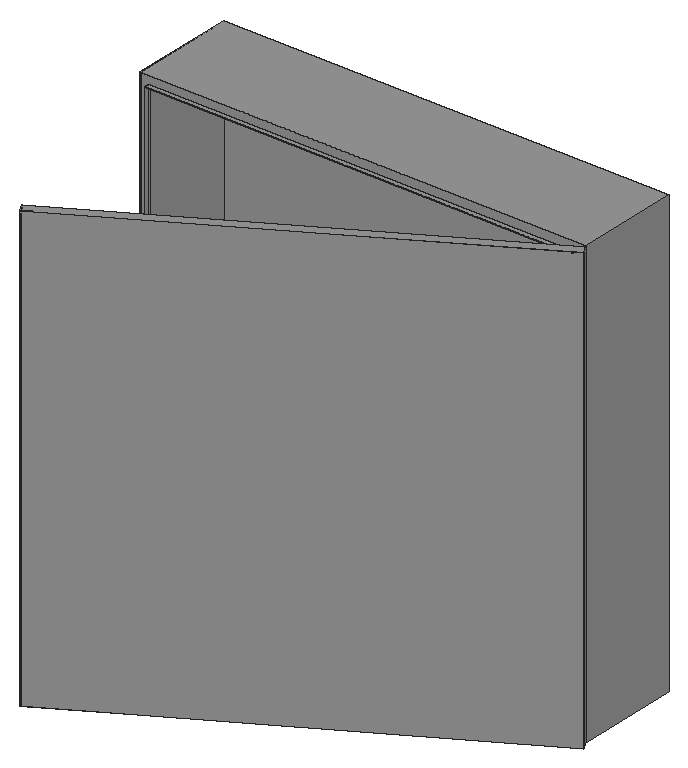
Revit family "Hager-Univers-IP44-D205-H800-Cl.I-encl-NoHosted-PL-pl", category Electrical Equipment, Revit 2020
Family settings
  Panel Configuration = Two Columns, Circuits Across
  Round Connector Dimension = Use Diameter
  Part Type = Panelboard
  Work Plane-Based = Yes
  Always vertical = Yes
  Cut with Voids When Loaded = No
  Shared = No
  Room Calculation Point = No
Parameters (values of type "Montaż natynkowy IP44 S800 W800 G205  - FP53TN2")
  Width Control [instance] = if([EF000008 - Szerokość] > Min Width, [EF000008 - Szerokość], Min Width)  # 800 mm
  Type Comments = [HG000003 - Zakres]  # "Univers"
  Thickness Door [instance] = if([EF009171 - Drzwi/pokrywa z materiału o wysokiej wytrzymałości mechanicznej] > 3 mm, 3 mm, [EF009171 - Drzwi/pokrywa z materiału o wysokiej wytrzymałości mechanicznej])  # 1 mm
  Seal Frame Offset [instance] = 17 mm  # constant formula
  Plinth Visibility [instance] = [HG000027 - Wysokość cokołu] > 0 mm  # no
  Min Width [instance] = 100 mm  # constant formula
  Min Depth [instance] = (2 * [EF009170 - Obudowa z materiału o wysokiej wytrzymałości mechanicznej]) + 1 mm  # 3 mm
  Min Height [instance] = 100 mm  # constant formula
  Internal Frame Depth [instance] = (Door System Depth * 0.5)  # 9 mm
  Panel Name [instance] = ""  # (empty or 0)
  Model = ""
  HG000027 - Wysokość cokołu = 0 mm
  HG000026 - Stojąca = no
  HG000024 - Wysokość części dolnej = 600 mm
  HG000023 - Obudowa dwusekcyjna = no
  HG000016 - Widoczność drzwi w widoku 3D [instance] = yes
  HG000015 - Przestrzeń robocza - otwarcie drzwi [instance] = no
  HG000014 - Drzwi prawe [instance] = yes
  HG000013 - Drzwi lewe [instance] = not([HG000014 - Drzwi prawe])  # no
  HG000012 - Kąt otwarcia drzwi [instance] = 30.00°
  HG000010 - Drzwi asymetryczne = no
  HG000009 - Drzwi dwuskrzydłowe = no
  HG000006 - Montaż podtynkowy = no
  HG000004 - Referencja producenta = "FP53TN2"
  HG000003 - Zakres = "Univers"
  HG000002 - Z drzwiami lub pokrywą = yes
  Frame Offset Bottom [instance] = 10 mm  # constant formula
  Frame Offset [instance] = 15 mm  # constant formula
  EF015940 - Pokrywa z wyzwalaczem nadciśnieniowym = no
  EF011959 - Stopień ochrony (NEMA) = ""
  EF009554 - Liczba otworów pod flansze = 6
  EF009212 - Wykonanie pokrywy = "EV000116 - Zamknięty"
  EF009171 - Drzwi/pokrywa z materiału o wysokiej wytrzymałości mechanicznej = 1 mm
  EF009170 - Obudowa z materiału o wysokiej wytrzymałości mechanicznej = 1 mm
  EF008873 - Prąd znamionowy (In) = 250 A
  EF007800 - Do ochrony odgromowej = no
  EF006306 - Z zamkiem = no
  EF006244 - Transparentna pokrywa/drzwi = no
  EF005474 - Stopień ochrony (IP) = "EV006418 - IP44"
  EF004464 - Rodzaj drzwi = "EV002646 - Pojedynczy"
  EF004427 - Liczba modułów = 180
  EF004293 - Odporność udarowa = "EV006815 - IK09"
  EF003532 - Do zastosowań zewnętrznych = no
  EF002950 - Szerokość wyrażona liczbą modułów = 36
  EF001613 - Podtrzymanie funkcji = "EV000494 - Brak"
  EF001596 - Materiał obudowy = "EV000179 - Stal"
  EF001131 - Głębokość wewnętrzna = 205 mm
  EF001088 - Możliwość rozbudowy = yes
  EF000437 - Liczba wejść kablowych = 6
  EF000339 - Rodzaj pokrywy = "EV001012 - Pokrywa"
  EF000266 - Liczba rzędów = 5
  EF000218 - Głębokość wbudowania = 205 mm
  EF000118 - Z płytą montażową = no
  EF000116 - Numer RAL = "9010"
  EF000049 - Głębokość = 205 mm
  EF000040 - Wysokość = 800 mm
  EF000008 - Szerokość = 800 mm
  EF000007 - Kolor = "EV000202 - Biały"
  EF000003 - Sposób montażu = "EV000384 - Montaż natynkowy"
  Door System Leaf Tolerance [instance] = 1.5 mm  # constant formula
  Door System Depth [instance] = 18 mm  # constant formula
  Door Height [instance] = Height Control - [HG000027 - Wysokość cokołu]  # 800 mm
  Description = ""
  Default Elevation = 1219.2 mm
  Connector Offset [instance] = Height Control / 2  # 400 mm
  Manufacturer = "Hager"  # constant formula
  Height Control [instance] = if([EF000040 - Wysokość] > Min Height, [EF000040 - Wysokość], Min Height)  # 800 mm
  Depth Control [instance] = if([EF000049 - Głębokość] > Min Depth, [EF000049 - Głębokość], Min Depth)  # 205 mm
  Bottom Top Plate Trim [instance] = 1.5 mm  # constant formula
  Plinth height Ctrl [instance] = if([HG000027 - Wysokość cokołu] > 0 mm, [HG000027 - Wysokość cokołu], 12 mm)  # 12 mm
Types (4, lengths in mm): name | Width Control | HG000010 - Drzwi asymetryczne | HG000009 - Drzwi dwuskrzydłowe | HG000004 - Referencja producenta | EF009554 - Liczba otworów pod flansze | EF004464 - Rodzaj drzwi | EF004427 - Liczba modułów | EF002950 - Szerokość wyrażona liczbą modułów | EF000437 - Liczba wejść kablowych | EF000008 - Szerokość
  Montaż natynkowy IP44 S1300 W800 G205  - FP55TN2 | 1300 | yes | yes | "FP55TN2" | 10 | "EV003602 - Podwójny" | 300 | 60 | 10 | 1300
  Montaż natynkowy IP44 S300 W800 G205  - FP51TN2 | 300 | no | no | "FP51TN2" | 2 | "EV002646 - Pojedynczy" | 60 | 12 | 2 | 300
  Montaż natynkowy IP44 S550 W800 G205  - FP52TN2 | 550 | no | no | "FP52TN2" | 4 | "EV002646 - Pojedynczy" | 120 | 24 | 4 | 550
  Montaż natynkowy IP44 S800 W800 G205  - FP53TN2 | 800 | no | no | "FP53TN2" | 6 | "EV002646 - Pojedynczy" | 180 | 36 | 6 | 800
Reference planes
  plane 1 "Center (Front/Back)": y = 0
  plane 2: z = 0
  plane 3 "Center (Left/Right)": x = 0
  plane 4: y = 0
  plane 5: y = 0
  plane 6: z = 0
  plane 7: x = -400
  plane 8: x = 400
  plane 9: x = 399
  plane 10: x = -399
  plane 11: z = 0
  plane 12: z = 1
  plane 13: y = -205
  plane 14: y = -1
  plane 15: x = 0
  plane 16: y = -187
  plane 17: y = -204
  plane 18: y = -186
  plane 19: x = -384
  plane 20: x = 384
  plane 21: z = 11
  plane 22: x = -383
  plane 23: x = 383
  plane 24: z = 0
  plane 25: z = 800
  plane 26: z = 800
  plane 27: z = 784
  plane 28: z = 799
Forms (mm)
  Extrusion 1, solid, material "Hager_Steel_RAL7035_Light_Grey", detail levels medium+fine
    sketch origin (-208.679, -4572, 0) x (-1, 0, 0) y (0, -1, 0)
      loop
        line (191.321, -4385) -> (-608.679, -4385) -> (-608.679, -4572) -> (191.321, -4572) -> (191.321, -4385)
    from 0 to 800
  Extrusion 2, void
    sketch origin (-350.771, -205, 1219.2) x (1, 0, 0) y (0, 0, 1)
      loop
        line (-48.229, -420.2) -> (-48.229, -1218.2) -> (749.771, -1218.2) -> (749.771, -420.2) -> (-48.229, -420.2)
    from -19 to -204
  Extrusion 3, void
    sketch origin (-290.084, -187, 1219.2) x (1, 0, 0) y (0, 0, 1)
      loop
        line (-93.916, -1208.2) -> (674.084, -1208.2) -> (674.084, -435.2) -> (-93.916, -435.2) -> (-93.916, -1208.2)
    from 0 to -1
  Extrusion 4, solid, material "Hager_Steel_RAL7035_Light_Grey", visible <- "Plinth Visibility", detail levels medium+fine
    sketch origin (0, 0, 0) x (1, 0, 0) y (0, 1, 0)
      loop
        line (-400, 0) -> (-400, -187) -> (400, -187) -> (400, 0) -> (-400, 0)
    from 0 to 12 <- "Plinth height Ctrl"
  Extrusion 5, solid, material "Hager_Steel_RAL7035_Light_Grey", detail levels coarse
    sketch origin (0, 0, 0) x (1, 0, 0) y (0, 1, 0)
      loop
        line (-400, 0) -> (-400, -205) -> (400, -205) -> (400, 0) -> (-400, 0)
    from 0 to 800 <- "Height Control"
  Sweep 6, void
    path in 3D
      loop
        line (-400, -187, 12) -> (400, -187, 12) -> (400, 0, 12) -> (-400, 0, 12) -> (-400, -187, 12)
    profile origin (-400, -93.5, 12) x (1, 0, 0) y (0, 0, 1)
      loop
        line (0, 0) -> (0, -1.5) -> (1.5, -1.5)
        arc (1.5, -1.5) -> (1.061, -0.439) -> (0, 0) r 1.5
  Extrusion 7, solid, material "Hager_Steel_RAL7035_Light_Grey", detail levels fine
    sketch origin (-400, -187, 0) x (1, 0, 0) y (0, 0, 1)
      loop
        line (16, 11) -> (784, 11) -> (784, 784) -> (16, 784) -> (16, 11)
      loop
        line (15, 10) -> (785, 10) -> (785, 785) -> (15, 785) -> (15, 10)
    from 0 to 9 <- "Internal Frame Depth"
Cuts and joins
  Extrusion 2, Extrusion 3 cuts Extrusion 1
  Sweep 6 cuts Extrusion 4
Lines and regions (mm)
  Masking region 1
    outline origin (0, 0, 0) x (1, 0, 0) y (0, 1, 0)
      loop
        line (-400, 0) -> (-400, -205) -> (400, -205) -> (400, 0) -> (-400, 0)
  Masking region 2, detail levels coarse
    outline origin (-290.084, -187, 1219.2) x (-1, 0, 0) y (0, 0, 1)
      loop
        line (-690.084, -1219.2) -> (109.916, -1219.2) -> (109.916, -419.2) -> (-690.084, -419.2) -> (-690.084, -1219.2)
  Masking region 3, detail levels coarse
    outline origin (0, 0, 0) x (0, 1, 0) y (0, 0, 1)
      loop
        line (0, 0) -> (0, 800) -> (-205, 800) -> (-205, 0) -> (0, 0)
  Masking region 4, visible <- "Plinth Visibility", detail levels medium+fine
    outline origin (0, 0, 0) x (0, 1, 0) y (0, 0, 1)
      loop
        line (-1.5, 12) -> (-185.5, 12)
        arc (-185.5, 12) -> (-185.939, 10.939) -> (-187, 10.5) r 1.5
        line (-187, 10.5) -> (-187, 0) -> (0, 0) -> (0, 10.5)
        arc (0, 10.5) -> (-1.061, 10.939) -> (-1.5, 12) r 1.5
  Masking region 5, detail levels medium+fine
    outline origin (0, 0, 594.038) x (0, 1, 0) y (0, 0, 1)
      loop
        line (0, -594.038) -> (0, 205.962) -> (-187, 205.962) -> (-187, -594.038) -> (0, -594.038)
  Masking region 6, detail levels medium+fine
    outline origin (-359.7, -187, 1211.883) x (-1, 0, 0) y (0, 0, 1)
      loop
        line (-759.7, -1211.883) -> (40.3, -1211.883) -> (40.3, -411.883) -> (-759.7, -411.883) -> (-759.7, -1211.883)
  Masking region 7, visible <- "Plinth Visibility", detail levels medium+fine
    outline origin (-320.334, -187, 1041.368) x (-1, 0, 0) y (0, 0, 1)
      loop
        line (-720.334, -1041.368) -> (79.666, -1041.368) -> (79.666, -1030.868)
        arc (79.666, -1030.868) -> (78.606, -1030.429) -> (78.166, -1029.368) r 1.5
        line (78.166, -1029.368) -> (-718.834, -1029.368)
        arc (-718.834, -1029.368) -> (-719.273, -1030.429) -> (-720.334, -1030.868) r 1.5
        line (-720.334, -1030.868) -> (-720.334, -1041.368)
  sketch lines
    curve 1: line (-400, 0, 12) -> (-400, -187, 12)
    curve 2: line (-400, -187, 12) -> (400, -187, 12)
    curve 3: line (400, 0, 12) -> (-400, 0, 12)
    curve 4: line (400, -187, 12) -> (400, 0, 12)
Dimensions and locks
  locked: plane 1 "Center (Front/Back)" to plane 5
  "EF009170 - Obudowa z materiału o wysokiej wytrzymałości mechanicznej": plane 7 to plane 10
  "EF009170 - Obudowa z materiału o wysokiej wytrzymałości mechanicznej": plane 8 to plane 9
  equal spacing: plane 7, plane 3 "Center (Left/Right)", plane 8
  "Width Control": plane 7 to plane 8
  "Depth Control": plane 4 to plane 13
  "EF009170 - Obudowa z materiału o wysokiej wytrzymałości mechanicznej": plane 4 to plane 14
  "Height Control": plane 25 to level
  "HG000027 - Wysokość cokołu": plane 11 to level
  "EF009170 - Obudowa z materiału o wysokiej wytrzymałości mechanicznej": plane 12 to plane 11
  "EF009170 - Obudowa z materiału o wysokiej wytrzymałości mechanicznej": plane 17 to plane 13
  "EF009170 - Obudowa z materiału o wysokiej wytrzymałości mechanicznej": plane 18 to plane 16
  "Frame Offset Bottom": plane 21 to plane 12
  "Frame Offset": plane 10 to plane 19
  "Frame Offset": plane 9 to plane 20
  "Door System Depth": plane 16 to plane 13
  "Seal Frame Offset": plane 7 to plane 22
  "Seal Frame Offset": plane 8 to plane 23
  "EF009170 - Obudowa z materiału o wysokiej wytrzymałości mechanicznej": plane 26 to plane 28
  "Frame Offset": plane 28 to plane 27
  "Connector Offset": plane 2 to connector elem
  "Bottom Top Plate Trim": profile plane to Sweep 6 sketch curve
  "Bottom Top Plate Trim": Sweep 6 sketch curve to Sweep 6 sketch curve
  "Plinth height Ctrl": Masking region 4 sketch curve to level
  "Plinth height Ctrl": Masking region 7 sketch curve to level
  "Thickness Door": Extrusion 7 sketch curve to Extrusion 7 sketch curve  (x4)
  "Bottom Top Plate Trim": radius of Sweep 6 sketch curve
  "Bottom Top Plate Trim": radius of Masking region 4 sketch curve  (x2)
  "Bottom Top Plate Trim": radius of Masking region 7 sketch curve  (x2)
  aligned and locked: Extrusion 2 sketch curve to plane 12
  aligned and locked: Extrusion 2 sketch curve to plane 9
  aligned and locked: Extrusion 2 sketch curve to plane 10
  aligned and locked: Extrusion 2 to plane 14
  aligned and locked: Extrusion 1 sketch curve to plane 4
  aligned and locked: plane 8 to Extrusion 1 sketch curve
  aligned and locked: plane 7 to Extrusion 1 sketch curve
  aligned and locked: Extrusion 2 to plane 18
  aligned and locked: Extrusion 3 sketch curve to plane 19
  aligned and locked: plane 20 to Extrusion 3 sketch curve
  aligned and locked: Extrusion 3 to Extrusion 2
  aligned and locked: Extrusion 3 sketch curve to plane 21
  aligned and locked: plane 3 "Center (Left/Right)" to nested 1
  aligned and locked: Extrusion 1 sketch curve to plane 16
  aligned and locked: Extrusion 4 sketch curve to cut or joined group of Extrusion 1, Extrusion 2, Extrusion 3
  aligned and locked: Masking region 1 sketch curve to plane 7
  aligned and locked: Masking region 1 sketch curve to plane 5
  aligned and locked: Masking region 1 sketch curve to plane 8
  aligned and locked: Masking region 2 sketch curve to level
  aligned and locked: level to Masking region 3 sketch curve
  aligned and locked: plane 1 "Center (Front/Back)" to Masking region 3 sketch curve
  aligned and locked: plane 13 to Masking region 3 sketch curve
  aligned and locked: plane 5 to Masking region 4 sketch curve
  aligned and locked: Masking region 2 sketch curve to plane 8
  aligned and locked: Masking region 2 sketch curve to plane 7
  aligned and locked: plane 7 to nested 2
  aligned and locked: nested 2 to plane 5
  aligned and locked: plane 5 to Masking region 5 sketch curve
  aligned and locked: plane 26 to Masking region 5 sketch curve
  aligned and locked: Extrusion 5 sketch curve to plane 8
  aligned and locked: Extrusion 5 sketch curve to plane 7
  aligned and locked: Extrusion 5 sketch curve to plane 5
  aligned and locked: Extrusion 3 sketch curve to plane 27
  aligned and locked: Extrusion 2 sketch curve to plane 28
  aligned and locked: Masking region 2 to plane 25
  aligned and locked: Extrusion 4 to plane 16
  aligned and locked: profile plane to Sweep 6 sketch curve
  aligned and locked: Masking region 5 sketch curve to plane 24
  aligned and locked: level to Masking region 4 sketch curve
  aligned and locked: Masking region 1 to plane 13
  aligned and locked: nested 1 to plane 16
  aligned and locked: Masking region 3 to plane 25
  aligned and locked: plane 16 to Masking region 4 sketch curve
  aligned and locked: Masking region 5 sketch curve to plane 16
  aligned and locked: plane 24 to plane 11
  aligned and locked: plane 26 to plane 25
  aligned and locked: plane 26 to cut or joined group of Extrusion 1, Extrusion 2, Extrusion 3
  aligned and locked: nested 1 to plane 24
  aligned and locked: Extrusion 1 to Extrusion 3
  aligned and locked: Masking region 6 sketch curve to plane 8
  aligned and locked: Masking region 6 sketch curve to plane 24
  aligned and locked: Masking region 6 sketch curve to plane 7
  aligned and locked: Masking region 6 sketch curve to plane 26
  aligned and locked: Masking region 7 sketch curve to plane 7
  aligned and locked: level to Masking region 7 sketch curve
  aligned and locked: Masking region 7 sketch curve to plane 8
  aligned and locked: Extrusion 7 sketch curve to cut or joined group of Extrusion 1, Extrusion 2, Extrusion 3  (x4)
Automatic sketch dimensions
  plane 19 to Extrusion 3 sketch curve = 0 mm
  Extrusion 3 sketch curve to plane 20 = 0 mm
  Extrusion 3 sketch curve to plane 21 = 0 mm
  Extrusion 4 sketch curve to plane 7 = 0 mm
  Extrusion 4 sketch curve to plane 8 = 0 mm
  Extrusion 4 sketch curve to plane 16 = 0 mm
  Masking region 1 sketch curve to plane 13 = 0 mm
  Masking region 2 sketch curve to plane 25 = 0 mm
  Masking region 3 sketch curve to plane 25 = 0 mm
  Extrusion 5 sketch curve to plane 13 = 0 mm
  profile plane to Sweep 6 sketch curve = 0 mm
Nested families
  nested 1: "EC000058_Univers_Door" at (0, -187, 0), Double <- "HG000009 - Drzwi dwuskrzydłowe", Transparent <- "EF006244 - Transparentna pokrywa/drzwi", Angle <- "HG000012 - Kąt otwarcia drzwi", Door_Right <- "HG000014 - Drzwi prawe", Assymetrical <- "HG000010 - Drzwi asymetryczne", Door <- "HG000002 - Z drzwiami lub pokrywą", Width_Ctrl <- "Width Control", 3d_Door <- "HG000016 - Widoczność drzwi w widoku 3D", Clearance <- "HG000015 - Przestrzeń robocza - otwarcie drzwi", Door_Left <- "HG000013 - Drzwi lewe", Width <- "Width Control", Door_Depth <- "Door System Depth", Leaf_Tolerance <- "Door System Leaf Tolerance", Height <- "Door Height", Lock_Visibility <- "EF006306 - Z zamkiem", Thickness <- "Thickness Door", type "EC000058_Univers_Door", detail levels medium+fine
    with min_wh 3 mm, Width_Ctrl 800 mm, Width 800 mm, Transparent no, Thickness 1 mm, Seal_Material Hager_Rubber, Lock_Visibility no, Lock_Material Hager_Plastic_RAL9005_Jet_Black, Leaf_Width 800 mm, Leaf_Tolerance_External_Sides 0 mm, Leaf_Tolerance 1.5 mm, Leaf_Offset 0 mm, Leaf_Height 797 mm, Leaf_2_Width 800 mm, Leaf_2_Offset 400 mm, Leaf_1_Width 800 mm, Leaf_1_Offset 400 mm, Height_Ctrl 800 mm, Height 800 mm, Glass_Material Hager_Glass, Double_Clearance_Ctrl no, Double no, Door_Right_Ctrl yes, Door_Right yes, Door_Material Hager_Steel_RAL7035_Light_Grey, Door_Left_Ctrl no, Door_Left no, Door_Depth 18 mm, Door yes, Clearance_Material Hager_Clearance, Clearance_Depth 800 mm, Clearance_Ctrl no, Clearance no, Assymetrical no, Angle 30.00°, 3d_Door yes
  nested 2: "Hager_Enclosure_Symbol" at (-400, 0, 0), Height <- "Depth Control", Width <- "Width Control", type "Hager_Enclosure_Symbol"
    with Width_Ctrl 800 mm, Width 800 mm, Height_Ctrl 205 mm, Height 205 mm, A_Width_Int 13.453 mm, A_Width 161.438 mm, A_Height_Ctrl 179.375 mm, A_Height 179.375 mm
Connectors
  electrical at (0, 0, 400)
    settings: on plane 1 "Center (Front/Back)", index 1, voltage 0 V, apparent load 0 VA, apparent load phase1 0 VA, apparent load phase2 0 VA, apparent load phase3 0 VA, power factor 1, load classification "Other", number of poles 1, system type 30, power factor state 1, is connector primary yes, connector utility no, sub classification motor no, connector description ""
Definition of nested family "EC000058_Univers_Door"
  Parameters (values of type "EC000058_Univers_Door")
    min_wh [instance] = (2 * Thickness) + 1 mm  # 11 mm
    Width_Ctrl [instance] = 400 mm
    Width [instance] = 500 mm
    Transparent [instance] = yes
    Thickness [instance] = 5 mm
    Seal_Material [instance] = none
    Lock_Visibility [instance] = yes
    Lock_Material [instance] = none
    Leaf_Width [instance] = if((Width_Ctrl - 2 * Leaf_Tolerance_External_Sides) > 0 mm, (Width_Ctrl - 2 * Leaf_Tolerance_External_Sides), min_wh)  # 400 mm
    Leaf_Tolerance_External_Sides [instance] = 0 mm  # constant formula
    Leaf_Tolerance [instance] = 1.5 mm
    Leaf_Offset [instance] = 0 mm  # constant formula
    Leaf_Height [instance] = if((Height_Ctrl - 2 * Leaf_Tolerance) > 0 mm, (Height_Ctrl - 2 * Leaf_Tolerance), min_wh)  # 497 mm
    Leaf_2_Width [instance] = if(and(and(Double, Assymetrical), Door_Left), (Leaf_Width / 3) - (Leaf_Tolerance / 2), if(and(and(Double, Assymetrical), Door_Right), (Leaf_Width / 3) * 2 - (Leaf_Tolerance / 2), if(and(Double, not(Assymetrical)), (Leaf_Width / 2) - Leaf_Tolerance, Leaf_Width)))  # 400 mm
    Leaf_2_Offset [instance] = if(and(Double, Assymetrical), Leaf_2_Width / 2, if(and(Double, not(Assymetrical)), Leaf_Width / 4, Leaf_Width / 2))  # 200 mm
    Leaf_1_Width [instance] = if(and(and(Double, Assymetrical), Door_Right), (Leaf_Width / 3) - (Leaf_Tolerance / 2), if(and(and(Double, Assymetrical), Door_Left), (Width / 3) * 2 - (Leaf_Tolerance / 2), if(and(Double, not(Assymetrical)), (Leaf_Width / 2) - Leaf_Tolerance, Leaf_Width)))  # 400 mm
    Leaf_1_Offset [instance] = if(and(Double, Assymetrical), Leaf_1_Width / 2, if(and(Double, not(Assymetrical)), Leaf_Width / 4, Leaf_Width / 2))  # 200 mm
    Height_Ctrl [instance] = if(Height > min_wh, Height, min_wh)  # 500 mm
    Height [instance] = 500 mm
    Glass_Material [instance] = none
    Double_Clearance_Ctrl [instance] = and(Double, Clearance)  # no
    Double [instance] = no
    Door_Right_Ctrl [instance] = and(or(Door_Right, Double), Door)  # yes
    Door_Right [instance] = yes
    Door_Material [instance] = none
    Door_Left_Ctrl [instance] = and(or(Door_Left, Double), Door)  # no
    Door_Left [instance] = no
    Door_Depth [instance] = 30 mm
    Door [instance] = yes
    Default Elevation = 1219.2 mm
    Clearance_Material [instance] = none
    Clearance_Depth [instance] = if(Leaf_1_Width > Leaf_2_Width, Leaf_1_Width, Leaf_2_Width)  # 400 mm
    Clearance_Ctrl [instance] = and(not(Double), Clearance)  # yes
    Clearance [instance] = yes
    Assymetrical [instance] = yes
    Angle [instance] = 30.00°
    3d_Door [instance] = yes
  Reference planes
    plane 1 "Center (Front/Back)": y = 0
    plane 2 "Bottom": z = 0
    plane 3 "Center (Left/Right)": x = 0
    plane 4: z = 500
    plane 5: x = -200
    plane 6: x = 200
    plane 7: z = 500
    plane 8: x = -200
    plane 9: z = 0
    plane 10: x = 200
    plane 11: y = 0
    plane 12: z = 1.5
    plane 13: x = -600
    plane 14: y = -400
    plane 15: x = 600
    plane 16: x = 0
    plane 17: x = 0
    plane 18: x = -200
    plane 19: x = 200
    plane 20: z = 498.5
  Forms (mm)
    Extrusion 1, solid, material <- "Clearance_Material", visible <- "Double_Clearance_Ctrl"
      sketch origin (1200, 0, 0) x (1, 0, 0) y (0, 0, -1)
        loop
          line (-1800, -498.5) -> (-600, -498.5) -> (-600, 0) -> (-1800, 0) -> (-1800, -498.5)
      from 0 to -400
  Dimensions and locks
    equal spacing: plane 5, plane 3 "Center (Left/Right)", plane 6
    "Width_Ctrl": plane 5 to plane 6
    "Leaf_Offset": plane 5 to plane 8
    "Leaf_Offset": plane 6 to plane 10
    "Leaf_Offset": plane 9 to level
    "Leaf_Offset": plane 4 to plane 7
    "Height_Ctrl": plane 4 to level
    "Leaf_Tolerance": plane 12 to plane 9
    locked: plane 11 to plane 1 "Center (Front/Back)"
    "Leaf_1_Offset": plane 18 to plane 16
    "Leaf_2_Offset": plane 17 to plane 19
    "Leaf_1_Width": plane 13 to plane 8
    "Leaf_2_Width": plane 10 to plane 15
    "Clearance_Depth": plane 14 to plane 1 "Center (Front/Back)"
    "Leaf_Tolerance_External_Sides": plane 8 to plane 18
    "Leaf_Tolerance_External_Sides": plane 19 to plane 10
    "Leaf_Tolerance": plane 7 to plane 20
    aligned and locked: level to plane 2 "Bottom"
    aligned and locked: nested 1 to plane 16
    aligned and locked: nested 2 to plane 17
    aligned and locked: Extrusion 1 to plane 13
    aligned and locked: plane 15 to Extrusion 1
    aligned and locked: Extrusion 1 to plane 14
    aligned and locked: plane 12 to nested 1
    aligned and locked: nested 2 to plane 12
    aligned and locked: Extrusion 1 to plane 11
    aligned and locked: plane 20 to Extrusion 1
    aligned and locked: nested 2 to plane 11
    aligned and locked: nested 1 to plane 11
  Automatic sketch dimensions
    Extrusion 1 sketch curve to level = 0 mm
    plane 5 to Extrusion 1 sketch curve = 400 mm
    plane 6 to Extrusion 1 sketch curve = 400 mm
    Extrusion 1 sketch curve to plane 4 = 1.5 mm
  Nested families
    nested 1: "EC000058_Univers_Door_Leaf" at (0, 0, 1.5), Width <- "Leaf_1_Width", visible <- "Door_Left_Ctrl", Leaf_Height <- "Leaf_Height", Angle <- "Angle", 3d_Door <- "3d_Door", Transparent <- "Transparent", Clearance Material <- "Clearance_Material", Clearance <- "Clearance_Ctrl", Door_Material <- "Door_Material", Glass_Material <- "Glass_Material", Door_Depth <- "Door_Depth", Lock_Material <- "Lock_Material", Seal_Material <- "Seal_Material", Lock_Visibility <- "Lock_Visibility", Thickness <- "Thickness", type "EC000058_Univers_Door_Leaf"
      with Width 400 mm, Transparent_Glass_Offset 30 mm, Transparent_Ctrl yes, Transparent yes, Thickness 5 mm, Standard no, Seal_Material none, Seal_D2 8 mm, Seal_D1 1 mm, Offset_Internal_Frame 10 mm, Lock_Width 20 mm, Lock_Visibility_3d yes, Lock_Visibility yes, Lock_Thickness_3 3 mm, Lock_Thickness_2 1 mm, Lock_Thickness_1 3 mm, Lock_Radius_Offset_2 16 mm, Lock_Radius_Offset_1 15 mm, Lock_Radius_2 5 mm, Lock_Radius 6 mm, Lock_Offset 5 mm, Lock_Material none, Lock_Height 80 mm, Lock_Cover_Top_Offset_2d 17 mm, Lock_Cover_Height -65 mm, Leaf_Height 497 mm, Internal_Seal_Thickness 8 mm, Internal_Seal_Depth_2 4.5 mm, Internal_Frame_Depth 25 mm, Glass_Thickness -1 mm, Glass_Offset -2 mm, Glass_Material none, Door_Material none, Door_Depth 30 mm, Clearance Material none, Clearance yes, Angle_Ctrl 30.00°, Angle 30.00°, 3d_Door yes
    nested 2: "EC000058_Univers_Door_Leaf" at (0, 0, 1.5) x (-1, 0, 0) z (0, 0, 1), Width <- "Leaf_2_Width", visible <- "Door_Right_Ctrl", Leaf_Height <- "Leaf_Height", Angle <- "Angle", 3d_Door <- "3d_Door", Transparent <- "Transparent", Clearance Material <- "Clearance_Material", Clearance <- "Clearance_Ctrl", Door_Material <- "Door_Material", Glass_Material <- "Glass_Material", Door_Depth <- "Door_Depth", Lock_Material <- "Lock_Material", Seal_Material <- "Seal_Material", Lock_Visibility <- "Lock_Visibility", Thickness <- "Thickness", type "EC000058_Univers_Door_Leaf"
      with Width 400 mm, Transparent_Glass_Offset 30 mm, Transparent_Ctrl yes, Transparent yes, Thickness 5 mm, Standard no, Seal_Material none, Seal_D2 8 mm, Seal_D1 1 mm, Offset_Internal_Frame 10 mm, Lock_Width 20 mm, Lock_Visibility_3d yes, Lock_Visibility yes, Lock_Thickness_3 3 mm, Lock_Thickness_2 1 mm, Lock_Thickness_1 3 mm, Lock_Radius_Offset_2 16 mm, Lock_Radius_Offset_1 15 mm, Lock_Radius_2 5 mm, Lock_Radius 6 mm, Lock_Offset 5 mm, Lock_Material none, Lock_Height 80 mm, Lock_Cover_Top_Offset_2d 17 mm, Lock_Cover_Height -65 mm, Leaf_Height 497 mm, Internal_Seal_Thickness 8 mm, Internal_Seal_Depth_2 4.5 mm, Internal_Frame_Depth 25 mm, Glass_Thickness -1 mm, Glass_Offset -2 mm, Glass_Material none, Door_Material none, Door_Depth 30 mm, Clearance Material none, Clearance yes, Angle_Ctrl 30.00°, Angle 30.00°, 3d_Door yes
  Definition of nested family "EC000058_Univers_Door_Leaf"
    Parameters (values of type "EC000058_Univers_Door_Leaf")
      Width [instance] = 2000 mm
      Transparent_Glass_Offset [instance] = 30 mm
      Transparent_Ctrl [instance] = and(Transparent, [3d_Door])  # yes
      Transparent [instance] = yes
      Thickness [instance] = 5 mm
      Standard [instance] = and(not(Transparent), [3d_Door])  # no
      Seal_Material [instance] = none
      Seal_D2 [instance] = 8 mm  # constant formula
      Seal_D1 [instance] = 1 mm  # constant formula
      Offset_Internal_Frame [instance] = 10 mm  # constant formula
      Lock_Width [instance] = 20 mm  # constant formula
      Lock_Visibility_3d [instance] = and(Lock_Visibility, [3d_Door])  # yes
      Lock_Visibility [instance] = yes
      Lock_Thickness_3 [instance] = 3 mm  # constant formula
      Lock_Thickness_2 [instance] = 1 mm  # constant formula
      Lock_Thickness_1 [instance] = 3 mm  # constant formula
      Lock_Radius_Offset_2 [instance] = Lock_Radius_Offset_1 + 1 mm  # 16 mm
      Lock_Radius_Offset_1 [instance] = 15 mm  # constant formula
      Lock_Radius_2 [instance] = Lock_Radius - 1 mm  # 5 mm
      Lock_Radius [instance] = 6 mm  # constant formula
      Lock_Offset [instance] = 5 mm  # constant formula
      Lock_Material [instance] = none
      Lock_Height [instance] = 80 mm  # constant formula
      Lock_Cover_Top_Offset_2d [instance] = Lock_Radius_Offset_2 + 1 mm  # 17 mm
      Lock_Cover_Height [instance] = -(Lock_Height - Lock_Radius_Offset_1)  # -65 mm
      Leaf_Height [instance] = 2720.336 mm
      Internal_Seal_Thickness [instance] = 8 mm  # constant formula
      Internal_Seal_Depth_2 [instance] = 4.5 mm  # constant formula
      Internal_Frame_Depth [instance] = if(Door_Depth - Thickness > 5 mm, Door_Depth - Thickness, 5 mm)  # 25 mm
      Glass_Thickness [instance] = if(Thickness > 15 mm, Glass_Offset + 10 mm, -1 mm)  # -1 mm
      Glass_Offset [instance] = if(Thickness > 15 mm, -(Thickness + 10 mm) / 2, -2 mm)  # -2 mm
      Glass_Material [instance] = none
      Door_Material [instance] = none
      Door_Depth [instance] = 30 mm
      Default Elevation = 0 mm
      Clearance Material [instance] = none
      Clearance [instance] = yes
      Angle_Ctrl [instance] = if(Angle > 180.00°, 180.00°, Angle)  # 90.00°
      Angle [instance] = 90.00°
      3d_Door [instance] = yes
    Reference planes
      plane 1 "Center (Front/Back)": y = 0
      plane 2: z = 0
      plane 3 "Center (Left/Right)": x = 0
      plane 4: y = 2000
      plane 5: x = -1000
      plane 6: x = 1000
      plane 7: x = -3000
      plane 8: z = 2720.336
      plane 9: z = 30
      plane 10: z = 2690.336
      plane 11: x = 970
      plane 12: x = -970
      plane 13: y = -3
      plane 14: z = 107.833
      plane 15: y = -5
      plane 16: y = -223.314
      plane 17: x = -1000
      plane 18: z = 1360.168
      plane 19: y = 30
    Forms (mm)
      Extrusion 1, solid, material <- "Clearance Material", visible <- "Clearance"
        sketch origin (0, 0, 0) x (1, 0, 0) y (0, 0, 1)
          loop
            line (-3000, 2720.336) -> (-3000, 0) -> (1000, 0) -> (1000, 2720.336) -> (-3000, 2720.336)
        from 0 to -2000
      Extrusion 2, solid, material <- "Door_Material", visible <- "Standard", detail levels medium+fine
        sketch origin (-1000, 0, 0) x (0, 1, 0) y (-1, 0, 0)
          loop
            line (0, 30) -> (0, 25) -> (2000, 25) -> (2000, 30) -> (0, 30)
        from 0 to 2720.336 <- "Leaf_Height"
      Extrusion 3, solid, material <- "Door_Material", visible <- "Transparent_Ctrl", detail levels medium+fine
        sketch origin (-1000, 0, 0) x (0, 1, 0) y (-1, 0, 0)
          loop
            line (0, 25) -> (2000, 25) -> (2000, 30) -> (0, 30) -> (0, 25)
        from 0 to 2720.336 <- "Leaf_Height"
      Extrusion 4, void
        sketch origin (-1025, 2000, 0) x (0, 1, 0) y (0, 0, -1)
          loop
            line (-30, -2690.336) -> (-30, -30) -> (-1970, -30) -> (-1970, -2690.336) -> (-30, -2690.336)
        from 0 to 5 <- "Thickness"
      Sweep 5, solid, material <- "Seal_Material", visible <- "Transparent_Ctrl", detail levels fine
        path in 3D
          loop
            line (-1025, 30, 30) -> (-1025, 30, 2690.336) -> (-1025, 1970, 2690.336) -> (-1025, 1970, 30) -> (-1025, 30, 30)
        profile origin (-1025, 1000, 30) x (1, 0, 0) y (0, 0, 1)
          loop
            line (0, 0) -> (0, -8) -> (1, -8) -> (1, 0) -> (0, 0)
      Extrusion 6, solid, material <- "Glass_Material", visible <- "Transparent_Ctrl", detail levels medium+fine
        sketch origin (-1030, 0, 0) x (0, 1, 0) y (0, 0, -1)
          loop
            line (1970, -2690.336) -> (1970, -30) -> (30, -30) -> (30, -2690.336) -> (1970, -2690.336)
        from -2 <- "Glass_Offset" to -1 <- "Glass_Thickness"
      Extrusion 7, solid, material <- "Door_Material", visible <- "3d_Door", detail levels medium+fine
        sketch origin (-1025, 2000, 0) x (0, -1, 0) y (0, 0, -1)
          loop
            line (0, -2720.336) -> (2000, -2720.336) -> (2000, 0) -> (0, 0) -> (0, -2720.336)
          loop
            line (1995, -5) -> (5, -5) -> (5, -2715.336) -> (1995, -2715.336) -> (1995, -5)
        from 0 to 25 <- "Internal_Frame_Depth"
      Sweep 8, solid, material <- "Seal_Material", visible <- "Transparent_Ctrl", detail levels fine
        path in 3D
          loop
            line (-1025, 0, 0) -> (-1025, 2000, 0) -> (-1025, 2000, 2720.336) -> (-1025, 0, 2720.336) -> (-1025, 0, 0)
        profile origin (-1025, 0, 1360.168) x (1, 0, 0) y (0, 1, 0)
          loop
            line (0, 10) -> (2.975, 10)
            arc (2.975, 10) -> (4.053, 10.447) -> (4.5, 11.525) r 1.525
            line (4.5, 11.525) -> (4.5, 16.527)
            arc (4.5, 16.527) -> (4.069, 17.569) -> (3.027, 18) r 1.473
            line (3.027, 18) -> (0, 18) -> (0, 10)
      Extrusion 9, solid, material <- "Lock_Material", visible <- "Lock_Visibility_3d", detail levels fine
        sketch origin (-1030, 0, 0) x (0, 1, 0) y (0, 0, -1)
          loop
            arc (1993.5, -1400.168) -> (1994.561, -1399.729) -> (1995, -1398.668) r 1.5
            line (1995, -1398.668) -> (1995, -1320.168) -> (1975, -1320.168) -> (1975, -1398.668)
            arc (1975, -1398.668) -> (1975.439, -1399.729) -> (1976.5, -1400.168) r 1.5
            line (1976.5, -1400.168) -> (1993.5, -1400.168)
        from 3 <- "Lock_Thickness_1" to 0
      Blend 10, solid, material <- "Lock_Material", visible <- "Lock_Visibility_3d", detail levels fine
        base sketch origin (-1033, 0, 0) x (0, 1, 0) y (0, 0, -1)
          loop
            line (1975, -1320.168) -> (1975, -1398.668)
            arc (1975, -1398.668) -> (1975.439, -1399.729) -> (1976.5, -1400.168) r 1.5
            line (1976.5, -1400.168) -> (1993.5, -1400.168)
            arc (1993.5, -1400.168) -> (1994.561, -1399.729) -> (1995, -1398.668) r 1.5
            line (1995, -1398.668) -> (1995, -1320.168) -> (1975, -1320.168)
        top sketch origin (-1033, 0, 0) x (0, 1, 0) y (0, 0, -1)
          loop
            line (1976, -1320.168) -> (1976, -1398.668)
            arc (1976, -1398.668) -> (1976.146, -1399.022) -> (1976.5, -1399.168) r 0.5
            line (1976.5, -1399.168) -> (1993.5, -1399.168)
            arc (1993.5, -1399.168) -> (1993.854, -1399.022) -> (1994, -1398.668) r 0.5
            line (1994, -1398.668) -> (1994, -1320.168) -> (1976, -1320.168)
        from 0 to 1 <- "Lock_Thickness_2"
      Blend 11, solid, material <- "Lock_Material", visible <- "Lock_Visibility_3d", detail levels fine
        base sketch origin (-1034, 0, 0) x (0, 1, 0) y (0, 0, -1)
          loop
            line (1978, -1320.168) -> (1978, -1384.168)
            arc (1978, -1384.168) -> (1985, -1391.168) -> (1992, -1384.168) r 7
            line (1992, -1384.168) -> (1992, -1320.168) -> (1978, -1320.168)
        top sketch origin (-1034, 0, 0) x (0, 1, 0) y (0, 0, -1)
          loop
            line (1991, -1320.168) -> (1979, -1320.168) -> (1979, -1383.168)
            arc (1979, -1383.168) -> (1985, -1389.168) -> (1991, -1383.168) r 6
            line (1991, -1383.168) -> (1991, -1320.168)
        from 0 to 3 <- "Lock_Thickness_3"
      Extrusion 12, solid, material <- "Lock_Material", visible <- "Lock_Visibility_3d", detail levels fine
        sketch origin (-1030, 1975, 1320.168) x (1, 0, 0) y (0, -1, 0)
          loop
            line (-7, -19) -> (-7, -1) -> (0, -1) -> (0, 0) -> (-8, 0) -> (-8, -20) -> (0, -20) -> (0, -19) -> (-7, -19)
        from 0 to -65 <- "Lock_Cover_Height"
      Extrusion 13, void
        sketch origin (-1038, 1995, 1320.168) x (-1, 0, 0) y (0, 0, -1)
          loop
            line (-5, -65) -> (0, -65) -> (-5, -60) -> (-5, -65)
        from 0 to 20 <- "Lock_Width"
      Extrusion 14, void
        sketch origin (-1038, 1975, 1320.168) x (0, -1, 0) y (0, 0, -1)
          loop
            circle (-10, -15.995) r 6
          loop
            circle (-10, -15.995) r 5
        from 0 to 2
      Extrusion 15, solid, material <- "Lock_Material", visible <- "Lock_Visibility_3d", detail levels medium
        sketch origin (-1030, 0, 0) x (0, 1, 0) y (0, 0, -1)
          loop
            arc (1993.5, -1400.168) -> (1994.561, -1399.729) -> (1995, -1398.668) r 1.5
            line (1995, -1398.668) -> (1995, -1320.168) -> (1975, -1320.168) -> (1975, -1398.668)
            arc (1975, -1398.668) -> (1975.439, -1399.729) -> (1976.5, -1400.168) r 1.5
            line (1976.5, -1400.168) -> (1993.5, -1400.168)
        from 8 to 0
    Cuts and joins
      Extrusion 4 cuts Extrusion 3
      Extrusion 13, Extrusion 14 cuts Extrusion 9
      Extrusion 14 cuts Blend 11
      Extrusion 13, Extrusion 14 cuts Extrusion 12
      joined: Extrusion 9, Blend 10, Blend 11, Extrusion 12
      Extrusion 14 cuts Extrusion 15
    Lines and regions (mm)
      Masking region 1, visible <- "Lock_Visibility", detail levels fine
        outline origin (0, 0, 0) x (0, 1, 0) y (0, 0, 1)
          loop
            line (30, 1320.168) -> (33, 1320.168) -> (33, 1400.168) -> (30, 1400.168) -> (30, 1320.168)
      Masking region 2, visible <- "Lock_Visibility", detail levels fine
        outline origin (0, 3.143, 0) x (0, 1, 0) y (0, 0, 1)
          loop
            line (29.857, 1354.168) -> (30.857, 1354.168) -> (30.857, 1366.168) -> (29.857, 1366.168) -> (29.857, 1354.168)
      Masking region 3, detail levels medium+fine
        outline origin (0, 0, 0) x (0, 1, 0) y (0, 0, 1)
          loop
            line (0, 0) -> (30, 0) -> (30, 2720.336) -> (0, 2720.336) -> (0, 0)
      Masking region 4, detail levels medium+fine
        outline origin (0, 0, 0) x (1, 0, 0) y (0, 0, 1)
          loop
            line (-1000, 2720.336) -> (-1000, 0) -> (1000, 0) -> (1000, 2720.336) -> (-1000, 2720.336)
      Masking region 5, visible <- "Lock_Visibility", detail levels fine
        outline origin (-47.116, 0, 0) x (1, 0, 0) y (0, 0, 1)
          loop
            arc (1024.616, 1399.168) -> (1023.556, 1398.729) -> (1023.116, 1397.668) r 1.5
            line (1023.116, 1397.668) -> (1023.116, 1320.168) -> (1041.116, 1320.168) -> (1041.116, 1397.668)
            arc (1041.116, 1397.668) -> (1040.677, 1398.729) -> (1039.616, 1399.168) r 1.5
            line (1039.616, 1399.168) -> (1024.616, 1399.168)
      Masking region 6, visible <- "Lock_Visibility", detail levels medium+fine
        outline origin (-25, 0, 0) x (1, 0, 0) y (0, 0, 1)
          loop
            arc (1001.5, 1400.168) -> (1000.439, 1399.729) -> (1000, 1398.668) r 1.5
            line (1000, 1398.668) -> (1000, 1320.168) -> (1020, 1320.168) -> (1020, 1398.668)
            arc (1020, 1398.668) -> (1019.561, 1399.729) -> (1018.5, 1400.168) r 1.5
            line (1018.5, 1400.168) -> (1001.5, 1400.168)
      Masking region 7, visible <- "Lock_Visibility", detail levels fine
        outline origin (-73.735, 0, 0) x (1, 0, 0) y (0, 0, 1)
          loop
            line (1051.735, 1382.168) -> (1065.735, 1382.168) -> (1065.735, 1384.168)
            arc (1065.735, 1384.168) -> (1058.735, 1391.168) -> (1051.735, 1384.168) r 7
            line (1051.735, 1384.168) -> (1051.735, 1382.168)
      Masking region 8, visible <- "Lock_Visibility", detail levels fine
        outline origin (-73.735, 0, 0) x (1, 0, 0) y (0, 0, 1)
          loop
            line (1052.735, 1382.168) -> (1064.735, 1382.168) -> (1064.735, 1383.168)
            arc (1064.735, 1383.168) -> (1058.735, 1389.168) -> (1052.735, 1383.168) r 6
            line (1052.735, 1383.168) -> (1052.735, 1382.168)
      Masking region 9, visible <- "Lock_Visibility", detail levels fine
        outline origin (-25, 0, 0) x (1, 0, 0) y (0, 0, 1)
          loop
            line (1020, 1320.168) -> (1020, 1382.168) -> (1000, 1382.168) -> (1000, 1320.168) -> (1020, 1320.168)
      Masking region 10, detail levels medium+fine
        outline origin (0, 0, 0) x (1, 0, 0) y (0, 0, 1)
          loop
            circle (985, 1335.144) r 6
      Masking region 11, detail levels fine
        outline origin (0, 0, 0) x (1, 0, 0) y (0, 0, 1)
          loop
            circle (985, 1335.144) r 5
      Masking region 12, visible <- "Lock_Visibility", detail levels fine
        outline origin (0, 12.767, 0) x (0, 1, 0) y (0, 0, 1)
          loop
            line (20.233, 1320.168) -> (21.233, 1320.168) -> (21.233, 1399.168) -> (20.233, 1400.168) -> (20.233, 1320.168)
      Masking region 13, visible <- "Lock_Visibility", detail levels fine
        outline origin (0, 13.767, -10) x (0, 1, 0) y (0, 0, 1)
          loop
            line (20.233, 1330.168) -> (23.233, 1330.168) -> (23.233, 1399.168) -> (20.233, 1402.168) -> (20.233, 1330.168)
      Masking region 14, visible <- "Lock_Visibility", detail levels fine
        outline origin (0, 12.767, -10) x (0, 1, 0) y (0, 0, 1)
          loop
            line (20.233, 1330.168) -> (25.233, 1330.168) -> (25.233, 1399.305) -> (20.233, 1394.305) -> (20.233, 1330.168)
      Masking region 15, visible <- "Lock_Visibility", detail levels medium
        outline origin (0, 0, 0) x (0, 1, 0) y (0, 0, 1)
          loop
            line (30, 1320.168) -> (38, 1320.168) -> (38, 1400.168) -> (30, 1400.168) -> (30, 1320.168)
      Masking region 16, visible <- "Lock_Visibility", detail levels fine
        outline origin (-1000, 0, 0) x (0, 1, 0) y (-1, 0, 0)
          loop
            line (1975, 30) -> (1995, 30) -> (1995, 38) -> (1975, 38) -> (1975, 30)
          loop
            line (1979, 37) -> (1976, 37) -> (1976, 34) -> (1978, 34) -> (1979, 37)
          loop
            line (1994, 37) -> (1991, 37) -> (1992, 34) -> (1994, 34) -> (1994, 37)
      Masking region 17, visible <- "Lock_Visibility", detail levels medium
        outline origin (-1000, 0, 0) x (0, 1, 0) y (-1, 0, 0)
          loop
            line (1975, 30) -> (1995, 30) -> (1995, 38) -> (1975, 38) -> (1975, 30)
      symbolic lines
        curve 1: line (1000, 0, 0) -> (-3000, 0, 0)
        curve 2: arc (1000, 0, 0) -> (-1000, 2000, 0) -> (-3000, 0, 0) r 2000
        curve 4: line (-1030, 0, 0) -> (-1030, 2000, 0)
      reference lines
        curve 3: line (-1000, 0, 0) -> (-1000, 2000, 0)
      symbolic lines, detail levels medium+fine
        curve 5: line (-1030, 2000, 0) -> (-1025, 2000, 0)
        curve 7: line (-1025, 0, 0) -> (-1030, 0, 0)
        curve 8: line (-1025, 0, 0) -> (-1000, 0, 0)
        curve 9: line (-1000, 0, 0) -> (-1000, 2000, 0)
        curve 10: line (-1000, 2000, 0) -> (-1025, 2000, 0)
      symbolic lines, detail levels fine
        curve 6: line (-1025, 2000, 0) -> (-1025, 0, 0)
      sketch lines
        curve 11: line (-1025, 0, 2720.336) -> (-1025, 0, 0)
        curve 12: line (-1025, 2000, 0) -> (-1025, 0, 0)
        curve 13: line (-1025, 2000, 2720.336) -> (-1025, 2000, 0)
        curve 14: line (-1025, 0, 2720.336) -> (-1025, 2000, 2720.336)
        curve 15: line (-1025, 1970, 30) -> (-1025, 30, 30)
        curve 16: line (-1025, 30, 30) -> (-1025, 30, 2690.336)
        curve 17: line (-1025, 1970, 2690.336) -> (-1025, 1970, 30)
        curve 18: line (-1025, 30, 2690.336) -> (-1025, 1970, 2690.336)
      symbolic lines, visible <- "Transparent", detail levels medium+fine
        curve 19: line (-970, 0, 2690.336) -> (970, 0, 2690.336)
        curve 20: line (-970, 0, 30) -> (-970, 0, 2690.336)
        curve 21: line (970, 0, 30) -> (-970, 0, 30)
        curve 22: line (970, 0, 2690.336) -> (970, 0, 30)
    Dimensions and locks
      "Width": plane 1 "Center (Front/Back)" to plane 4
      equal spacing: plane 5, plane 3 "Center (Left/Right)", plane 6
      "Width": plane 5 to plane 6
      "Width": plane 7 to plane 5
      "Leaf_Height": plane 8 to level
      "Width": curve 5 to curve 3
      "Width": curve 3 to curve 3
      plane 8 to plane 10 = 30 mm
      plane 9 to level = 30 mm
      plane 12 to plane 5 = 30 mm
      plane 6 to plane 11 = 30 mm
      Extrusion 1 to Extrusion 4 sketch curve = 30 mm
      "Transparent_Glass_Offset": curve 3 to Extrusion 4 sketch curve
      "Transparent_Glass_Offset": Extrusion 4 sketch curve to cut or joined group of Extrusion 3, Extrusion 4  (x2)
      cut or joined group of Extrusion 3, Extrusion 4 to Extrusion 6 sketch curve = 30 mm
      "Transparent_Glass_Offset": cut or joined group of Extrusion 3, Extrusion 4 to Extrusion 4 sketch curve
      "Thickness": curve 6 to curve 4
      "Thickness": Extrusion 7 sketch curve to Extrusion 7 sketch curve  (x4)
      "Door_Depth": curve 4 to curve 3
      "Offset_Internal_Frame": profile plane to Sweep 8 sketch curve
      "Internal_Seal_Thickness": Sweep 8 sketch curve to Sweep 8 sketch curve
      "Internal_Seal_Depth_2": profile plane to Sweep 8 sketch curve
      "Seal_D1": profile plane to Sweep 5 sketch curve
      "Seal_D2": profile plane to Sweep 5 sketch curve
      "Thickness": Extrusion 2 sketch curve to Extrusion 2 sketch curve
      equal spacing: Extrusion 9 sketch curve, plane 18, Extrusion 9 sketch curve  (x2)
      equal spacing: Masking region 1 sketch curve, plane 18, Masking region 1 sketch curve
      "Lock_Height": Masking region 1 sketch curve to Masking region 1 sketch curve
      "Lock_Radius": Masking region 2 sketch curve to plane 18 to Masking region 2 sketch curve
      Masking region 2 sketch curve to Masking region 1 = 1 mm
      "Door_Depth": plane 19 to plane 1 "Center (Front/Back)"
      "Lock_Thickness_1": Masking region 1 sketch curve to plane 19
      "Lock_Width": Extrusion 9 sketch curve to Extrusion 9 sketch curve
      "Lock_Height": Extrusion 9 sketch curve to Extrusion 9 sketch curve
      "Lock_Offset": cut or joined group of Extrusion 3, Extrusion 4 to Extrusion 9 sketch curve
      equal spacing: plane 8, plane 18, level
      "Lock_Radius_Offset_1": Blend 11 sketch curve to Blend 10
      locked: Blend 10 to Blend 11 sketch curve at 2  (x2)
      locked: var sketch to Blend 11 sketch curve at 1  (x2)
      "Lock_Radius_Offset_2": Blend 11 sketch curve to Blend 10
      locked: Extrusion 12 sketch curve to Extrusion 12 sketch curve at 1  (x3)
      Masking region 6 sketch curve to Masking region 6 sketch curve = 80 mm
      "Lock_Height": Masking region 6 sketch curve to Masking region 6 sketch curve
      "Lock_Width": Masking region 6 sketch curve to Masking region 6 sketch curve
      locked: Masking region 6 to Masking region 5 sketch curve at 1  (x3)
      locked: Masking region 5 to Masking region 7 sketch curve at 2  (x2)
      "Lock_Radius_Offset_1": Masking region 5 to Masking region 7 sketch curve
      "Lock_Radius_Offset_2": Masking region 5 to Masking region 8 sketch curve
      locked: Masking region 7 to Masking region 8 sketch curve at 1  (x2)
      "Lock_Cover_Top_Offset_2d": Masking region 5 to Masking region 9 sketch curve
      equal spacing: Masking region 9, Masking region 10 sketch curve, Masking region 9
      equal spacing: Masking region 9, Masking region 11 sketch curve, Masking region 9
      Extrusion 15 sketch curve to Extrusion 15 sketch curve = 80 mm
      "Lock_Width": Extrusion 15 sketch curve to Extrusion 15 sketch curve
      "Lock_Height": Extrusion 15 sketch curve to Extrusion 15 sketch curve
      equal spacing: Extrusion 15 sketch curve, plane 18, Extrusion 15 sketch curve
      "Lock_Thickness_3": Masking region 13 sketch curve to Masking region 13 sketch curve
      "Lock_Height": Masking region 12 sketch curve to Masking region 12 sketch curve
      locked: Masking region 13 sketch curve to Masking region 1 at 8
      locked: Masking region 14 sketch curve to Masking region 13 at 1
      locked: Masking region 14 sketch curve to Masking region 1 at 10.863
      "Lock_Height": Masking region 15 sketch curve to Masking region 15 sketch curve
      "Lock_Offset": Extrusion 15 sketch curve to cut or joined group of Extrusion 3, Extrusion 4
      "Lock_Offset": plane 6 to Masking region 6 sketch curve
      radius of Sweep 8 sketch curve = 1.525 mm
      radius of Sweep 8 sketch curve = 1.473 mm
      radius of Extrusion 9 sketch curve = 1.5 mm  (x2)
      "Lock_Radius": radius of Extrusion 14 sketch curve
      "Lock_Radius_2": radius of Extrusion 14 sketch curve
      "Lock_Radius": radius of Masking region 10 sketch curve
      "Lock_Radius_2": radius of Masking region 11 sketch curve
      radius of Extrusion 15 sketch curve = 1.5 mm  (x2)
      "Angle_Ctrl": angle plane 1 "Center (Front/Back)" to curve 3
      locked: Masking region 12 sketch curve to Masking region 12 sketch curve (angle 45.00°)
      locked: Masking region 13 sketch curve to Masking region 13 sketch curve (angle 45.00°)
      locked: Masking region 14 sketch curve to Masking region 14 sketch curve (angle 45.00°)
      aligned and locked: level to plane 2
      aligned and locked: Extrusion 1 to curve 1
      aligned and locked: plane 6 to Extrusion 1
      aligned and locked: Extrusion 1 to plane 1 "Center (Front/Back)"
      aligned and locked: plane 4 to Extrusion 1
      aligned and locked: plane 8 to Extrusion 1
      aligned and locked: curve 7 to Extrusion 2 sketch curve
      aligned and locked: curve 5 to Extrusion 2 sketch curve
      aligned and locked: curve 7 to Extrusion 3 sketch curve
      aligned and locked: Extrusion 3 sketch curve to curve 4
      aligned and locked: Extrusion 3 sketch curve to curve 6
      aligned and locked: Extrusion 3 sketch curve to curve 5
      aligned and locked: curve 9 to curve 3
      aligned and locked: Extrusion 7 sketch curve to cut or joined group of Extrusion 3, Extrusion 4  (x4)
      aligned and locked: plane 17 to curve 3
      aligned and locked: plane 1 "Center (Front/Back)" to curve 3
      aligned and locked: plane 17 to plane 5
      aligned and locked: Sweep 8 sketch curve to profile plane
      aligned and locked: Sweep 5 sketch curve to profile plane  (x2)
      aligned and locked: Masking region 1 to Masking region 2 sketch curve
      aligned and locked: plane 19 to Masking region 1 sketch curve
      aligned and locked: plane 1 "Center (Front/Back)" to Masking region 3 sketch curve
      aligned and locked: plane 19 to Masking region 3 sketch curve
      aligned and locked: level to Masking region 3 sketch curve
      aligned and locked: Masking region 3 sketch curve to plane 8
      aligned and locked: plane 17 to Masking region 4 sketch curve
      aligned and locked: level to Masking region 4 sketch curve
      aligned and locked: Masking region 4 sketch curve to plane 8
      aligned and locked: plane 12 to curve 20
      aligned and locked: plane 10 to curve 19
      aligned and locked: plane 11 to curve 22
      aligned and locked: curve 21 to plane 9
      aligned and locked: Extrusion 2 sketch curve to cut or joined group of Extrusion 3, Extrusion 4
      aligned and locked: Blend 10 sketch curve to Extrusion 9  (x4)
      aligned and locked: Extrusion 9 to Blend 10 sketch curve
      aligned and locked: Blend 10 to Blend 11 sketch curve
      aligned and locked: Extrusion 12 sketch curve to Blend 11
      aligned and locked: Extrusion 12 sketch curve to Extrusion 9  (x4)
      aligned and locked: Masking region 5 sketch curve to Masking region 6
      aligned and locked: Masking region 9 sketch curve to Masking region 6  (x3)
      aligned and locked: Masking region 12 sketch curve to Masking region 1
      aligned and locked: Masking region 13 sketch curve to Masking region 1
      aligned and locked: Masking region 12 to Masking region 14
      aligned and locked: Masking region 14 sketch curve to Masking region 1
      aligned and locked: Masking region 15 sketch curve to Masking region 14
      aligned and locked: Masking region 13 sketch curve to Masking region 12
      aligned and locked: Masking region 16 sketch curve to cut or joined group of Extrusion 14, Extrusion 15  (x4)
      aligned and locked: Masking region 16 sketch curve to cut or joined group of Extrusion 9, Blend 10, Blend 11, Extrusion 12, Extrusion 13, Extrusion 14  (x6)
      aligned and locked: cut or joined group of Extrusion 9, Blend 10, Blend 11, Extrusion 12, Extrusion 13, Extrusion 14 to Masking region 16 sketch curve
      aligned and locked: Masking region 17 sketch curve to cut or joined group of Extrusion 14, Extrusion 15  (x3)
      aligned and locked: Masking region 17 sketch curve to cut or joined group of Extrusion 9, Blend 10, Blend 11, Extrusion 12, Extrusion 13, Extrusion 14
      aligned and locked: Masking region 9 to Masking region 8 sketch curve
      aligned and locked: Masking region 9 to Masking region 7 sketch curve
    Automatic sketch dimensions
      plane 1 "Center (Front/Back)" to curve 2 = 0 mm
      curve 2 to plane 5 = 0 mm
      Extrusion 1 sketch curve to level = 0 mm
      Extrusion 1 sketch curve to plane 7 = 0 mm
      Extrusion 1 sketch curve to plane 6 = 0 mm
      Extrusion 1 sketch curve to plane 8 = 0 mm
      Extrusion 3 to Extrusion 6 sketch curve = 30 mm  (x4)
      Masking region 4 sketch curve to plane 6 = 0 mm
      Blend 10 sketch curve to Extrusion 9 = 1.5 mm
      Blend 10 sketch curve to Extrusion 9 = 1 mm
      Extrusion 13 sketch curve to Extrusion 12 = 0 mm  (x2)
      Extrusion 12 to Extrusion 13 sketch curve = 3 mm
      Extrusion 13 sketch curve to Extrusion 12 = 5 mm
      Extrusion 14 sketch curve to Extrusion 14 sketch curve = 0 mm  (x2)
      Extrusion 14 sketch curve to Extrusion 12 = 10 mm
      Extrusion 14 sketch curve to Extrusion 12 = 15.995 mm
      Masking region 5 sketch curve to Masking region 5 sketch curve = 1.5 mm  (x2)
      Masking region 10 sketch curve to plane 18 = 25.024 mm
      Masking region 11 sketch curve to plane 18 = 25.024 mm
      plane 19 to Masking region 14 sketch curve = 3 mm
      Masking region 16 sketch curve to Masking region 16 sketch curve = 3 mm
      curve 4 to curve 3 = 0 mm
      Blend 10 to Blend 11 sketch curve = 0 mm
      Masking region 6 sketch curve to Masking region 6 sketch curve = 1.5 mm  (x2)
      Masking region 6 sketch curve to plane 18 = 40 mm
      plane 19 to Masking region 12 sketch curve = 3 mm
      Masking region 12 sketch curve to Masking region 12 sketch curve = 1 mm
      Masking region 15 sketch curve to plane 19 = 0 mm
      Masking region 15 sketch curve to plane 18 = 40 mm
      radius of Blend 10 sketch curve to Extrusion 9 = 1 mm
Definition of nested family "Hager_Enclosure_Symbol"
  Parameters (values of type "Hager_Enclosure_Symbol")
    Width_Ctrl [instance] = if(Width > 1 mm, Width, 1 mm)  # 102.27 mm
    Width [instance] = 102.27 mm
    Height_Ctrl [instance] = if(Height > 1 mm, Height, 1 mm)  # 66.5 mm
    A_Width_Int [instance] = if(A_Width / 12 > 2 mm, A_Width / 12, 2 mm)  # 4.364 mm
    A_Width [instance] = if(A_Height_Ctrl * 0.9 > 2 mm, A_Height_Ctrl * 0.9, 2 mm)  # 52.369 mm
    A_Height_Ctrl [instance] = if(A_Height > 2 mm, A_Height, 2 mm)  # 58.188 mm
    Height [instance] = 66.5 mm
    A_Height [instance] = Height - (Height / 8)  # 58.188 mm
  Reference planes
    plane 1 "Centre (avant/arrière)": y = 0
    plane 2: z = 0
    plane 3 "Centre (gauche/droite)": x = 0
    plane 4: x = 52.369
    plane 5: y = 33.042
    plane 6: y = 41.77
    plane 7: y = 66.5
    plane 8: x = 26.184
    plane 9: y = 37.406
    plane 10: x = 102.27
    plane 11: y = 66.5
    plane 12: y = 8.313
  Lines and regions (mm)
    Filled region 1, type "Solid_Black", in view "Niveau de réf."
      outline origin (0, 0, 0) x (1, 0, 0) y (0, 1, 0)
        loop
          line (52.369, 66.5) -> (33.188, 54.536) -> (45.365, 45.006) -> (52.369, 66.5)
    Filled region 2, type "Solid_Black", in view "Niveau de réf."
      outline origin (0, 0, 0) x (1, 0, 0) y (0, 1, 0)
        loop
          line (0, 0) -> (102.27, 0) -> (102.27, 66.5) -> (0, 0)
    detail lines, in view "Niveau de réf."
      curve 1: line (0, 8.313, 0) -> (26.184, 41.77, 0)
      curve 2: line (26.184, 41.77, 0) -> (26.184, 33.042, 0)
      curve 3: line (26.184, 33.042, 0) -> (52.369, 66.5, 0)
  Dimensions and locks
    "A_Width": plane 3 "Centre (gauche/droite)" to plane 4
    equal spacing: plane 3 "Centre (gauche/droite)", plane 8, plane 4
    equal spacing: plane 6, plane 9, plane 5
    equal spacing: curve 3, Filled region 1 sketch curve, Filled region 1 sketch curve
    "Height_Ctrl": plane 1 "Centre (avant/arrière)" to plane 11
    "A_Height_Ctrl": plane 11 to plane 12
    equal spacing: plane 11, plane 9, plane 12
    "A_Width_Int": plane 6 to plane 9
    "Width_Ctrl": plane 3 "Centre (gauche/droite)" to plane 10
    angle Filled region 1 sketch curve to curve 3 = 20.00°
    angle curve 3 to Filled region 1 sketch curve = 20.00°
    locked: curve 3 to Filled region 1 sketch curve (angle 90.00°)
    aligned and locked: plane 10 to Filled region 2
    aligned and locked: plane 11 to Filled region 2 sketch curve
    aligned and locked: plane 10 to Filled region 2 sketch curve
    aligned and locked: plane 3 "Centre (gauche/droite)" to curve 1
    aligned and locked: plane 12 to curve 1
    aligned and locked: plane 7 to plane 11
  Automatic sketch dimensions
    Filled region 1 sketch curve to plane 4 = 0 mm
    Filled region 1 sketch curve to plane 7 = 0 mm
    plane 1 "Centre (avant/arrière)" to Filled region 2 sketch curve = 0 mm
    Filled region 2 sketch curve to plane 3 "Centre (gauche/droite)" = 0 mm
    curve 2 to plane 6 = 0 mm
    curve 2 to plane 8 = 0 mm
    curve 3 to plane 4 = 0 mm
    curve 2 to plane 5 = 0 mm
    curve 3 to plane 7 = 0 mm
